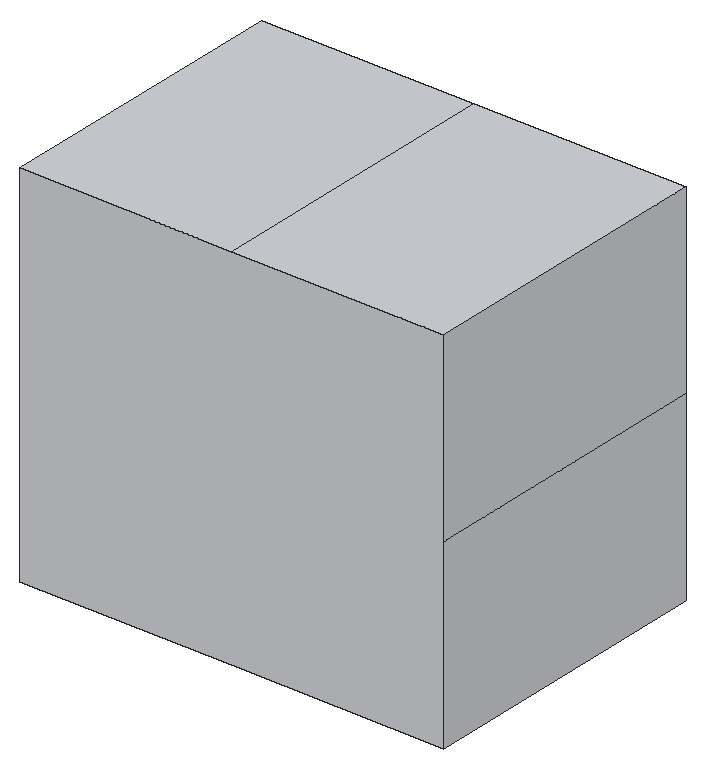
Revit family "22101_HOST_WALL", category Lighting Fixtures, host Wall, Revit 2012
Parameters (values of type "Recessed Luminaires - Shielded")
  Wattage = 1.13099 W
  built-in parameter 1150110 = 1 (stored number, unit not read)
  URL = "www.bega-us.com"
  built-in parameter 1114217 = 1 (stored number, unit not read)
  Tilt Angle = 90.00°
  built-in parameter 1150109 = 1 (stored number, unit not read)
  built-in parameter 1150134 = (empty or 0)
  Telephone = "805.684.0533"
  built-in parameter 1150113 = 1 (stored number, unit not read)
  Photometric Web File = "22101.IES"
  Model = "22101"
  Manufacturer = "BEGA-US"
  Lumens = 168 lm
  built-in parameter 1150115 = 1 (stored number, unit not read)
  built-in parameter 1150105 = 13.369 (stored number, unit not read)
  built-in parameter 1150137 = (empty or 0)
  built-in parameter 1150139 = (empty or 0)
  built-in parameter 1150112 = 1 (stored number, unit not read)
  built-in parameter 1150114 = 1 (stored number, unit not read)
  Lamp = "2W LED"
  built-in parameter 1150132 = 2
  built-in parameter 1150102 = (empty or 0)
  built-in parameter 1150138 = (empty or 0)
  built-in parameter 1150107 = 3300 (stored number, unit not read)
  built-in parameter 1150106 = 0.13369 (stored number, unit not read)
  built-in parameter 1150104 = 13.8 (stored number, unit not read)
  Dimming Lamp Color Temperature Shift = <None>
  Description = "Recessed wall with louvers"
  Color Filter = 16777215
  built-in parameter 1114218 = 1 (stored number, unit not read)
  built-in parameter 1150133 = 10 (stored number, unit not read)
Reference planes (in)
  plane 1: y = 0
  plane 2 "Light Source Axis (F/B)": y = 3.25
  plane 3 "Light Source Axis (L/R)": x = -1.43133
  plane 4 "Light Source Elevation": z = 24
Text (in)
  text "Placement Side" at (0, 40.15149, 123.01588), in view "Right"
  text "Placement Side" at (-70.3804, 28.46503, 0), in view "Ref. Level"
  text "Placement Side" at (0, 85.69064, 140.59947), in view "Left"
Dimensions and locks (in)
  aligned: level to host wall
  aligned and locked: plane 3 "Light Source Axis (L/R)" to imposter light
  aligned and locked: plane 2 "Light Source Axis (F/B)" to imposter light
  aligned and locked: plane 4 "Light Source Elevation" to imposter light
Nested families (in)
  nested 1: "2101LED" at (-1.43133, 3, 0) x (-1, 0, 0) z (0, 0, 1), type "2101LED"
Definition of nested family "2101LED"
  Reference planes (in)
    plane 1 "Center (Front/Back)": y = 0
    plane 2: z = 24
    plane 3 "Center (Left/Right)": x = 0
  Forms (in)
    Extrusion 1, solid
      sketch origin (0, 0, 24) x (1, 0, 0) y (0, 0, 1)
        loop
          circle (0, 0) r 1.5625
        loop
          line (0, 0.8125) -> (-0.46771, 0.8125)
          arc (-0.46771, 0.8125) -> (-0.59073, 0.72798) -> (-0.69877, 0.625) r 0.9375
          line (-0.69877, 0.625) -> (0, 0.625) -> (0.69877, 0.625)
          arc (0.69877, 0.625) -> (0.59073, 0.72798) -> (0.46771, 0.8125) r 0.9375
          line (0.46771, 0.8125) -> (0, 0.8125)
        loop
          line (0, 0.5) -> (-0.79304, 0.5)
          arc (-0.79304, 0.5) -> (-0.84368, 0.40878) -> (-0.88388, 0.3125) r 0.9375
          line (-0.88388, 0.3125) -> (0, 0.3125) -> (0.88388, 0.3125)
          arc (0.88388, 0.3125) -> (0.84368, 0.40878) -> (0.79304, 0.5) r 0.9375
          line (0.79304, 0.5) -> (0, 0.5)
        loop
          line (0, 0.1875) -> (-0.91856, 0.1875)
          arc (-0.91856, 0.1875) -> (-0.93275, 0.09423) -> (-0.9375, 0) r 0.9375
          line (-0.9375, 0) -> (0, 0) -> (0.9375, 0)
          arc (0.9375, 0) -> (0.93275, 0.09423) -> (0.91856, 0.1875) r 0.9375
          line (0.91856, 0.1875) -> (0, 0.1875)
        loop
          line (0, -0.125) -> (-0.92913, -0.125)
          arc (-0.92913, -0.125) -> (-0.91134, -0.21992) -> (-0.88388, -0.3125) r 0.9375
          line (-0.88388, -0.3125) -> (0, -0.3125) -> (0.88388, -0.3125)
          arc (0.88388, -0.3125) -> (0.91134, -0.21992) -> (0.92913, -0.125) r 0.9375
          line (0.92913, -0.125) -> (0, -0.125)
        loop
          line (0, -0.4375) -> (-0.82916, -0.4375)
          arc (-0.82916, -0.4375) -> (-0.76969, -0.53524) -> (-0.69877, -0.625) r 0.9375
          line (-0.69877, -0.625) -> (0, -0.625) -> (0.69877, -0.625)
          arc (0.69877, -0.625) -> (0.76969, -0.53524) -> (0.82916, -0.4375) r 0.9375
          line (0.82916, -0.4375) -> (0, -0.4375)
        loop
          line (0, -0.75) -> (-0.5625, -0.75)
          arc (-0.5625, -0.75) -> (-0.45239, -0.82103) -> (-0.33299, -0.875) r 0.8835
          line (-0.33299, -0.875) -> (0, -0.875) -> (0.33657, -0.875)
          arc (0.33657, -0.875) -> (0.45386, -0.82032) -> (0.5625, -0.75) r 0.9375
          line (0.5625, -0.75) -> (0, -0.75)
      from 0 to 0.25
    Extrusion 2, solid
      sketch origin (0, 0, 24) x (1, 0, 0) y (0, 0, 1)
        loop
          circle (0, 0) r 1.5
      from 0 to -0.4375
    Extrusion 3, solid
      sketch origin (0, 0, 24) x (1, 0, 0) y (0, 0, 1)
        loop
          line (0, 2.1875) -> (-2.5, 2.1875) -> (-2.5, 0) -> (-2.5, -2.1875) -> (0, -2.1875) -> (2.5, -2.1875) -> (2.5, 0) -> (2.5, 2.1875) -> (0, 2.1875)
      from -4 to -0.4375
    Extrusion 4, void
      sketch origin (0, 0, 24) x (1, 0, 0) y (0, 0, 1)
        loop
          circle (0, 0) r 1.38696
      from 0 to -2
    Extrusion 5, void
      sketch origin (0, 0, 24) x (1, 0, 0) y (0, 0, 1)
        loop
          line (0, 2.05616) -> (-2.37992, 2.05616) -> (-2.37992, 0) -> (-2.37992, -2.05616) -> (0, -2.05616) -> (2.37992, -2.05616) -> (2.37992, 0) -> (2.37992, 2.05616) -> (0, 2.05616)
      from -3.89795 to -0.58624
  Cuts and joins
    Extrusion 4 cuts Extrusion 1
    Extrusion 4 cuts Extrusion 2
    Extrusion 4, Extrusion 5 cuts Extrusion 3
  Dimensions and locks (in)
    aligned and locked: plane 2 to level
